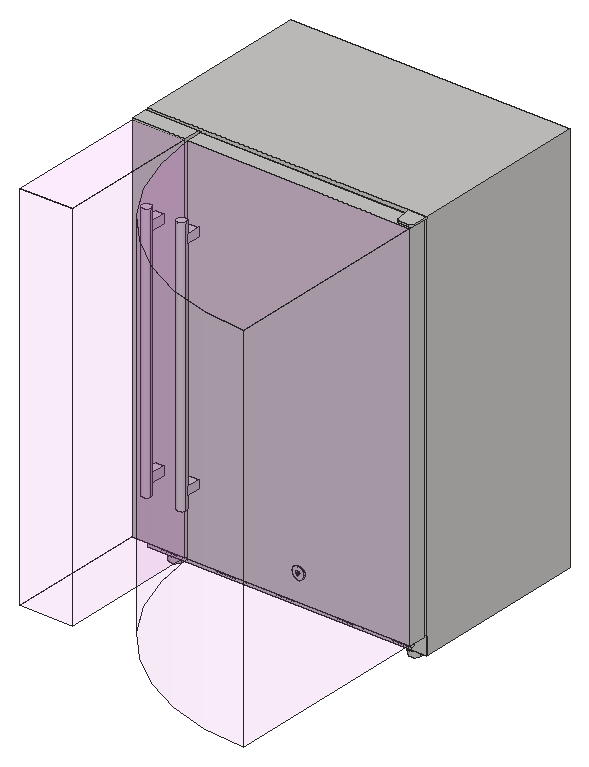
Revit family "QF_Summit_FF19524_All_Refrigerator", category Specialty Equipment, Revit 2020
Family settings
  Round Connector Dimension = Use Diameter
  Part Type = Normal
  Work Plane-Based = No
  Always vertical = Yes
  Cut with Voids When Loaded = No
  Shared = No
  Room Calculation Point = No
Parameters
  Weight in Pounds = 70
  Watts = if(Phase = 3, Volts * FL Amps * 1.73, Volts * FL Amps)  # 149.5 W
  Volts = 115 V
  URL Cutsheet = ""
  Specification by User = ""
  Specification by Manufacturer = ""
  Show Clearance [instance] = yes
  Serial Number = ""
  Seismic Rating = ""
  SMACNA No = ""
  Revision Code = ""
  Phase = 1
  Number of Poles = 1
  NAFEM Spec ID Number = ""
  Model = "FF19524"
  Min Ckt Ampacity = 0 A
  Max Overcurrent Protection = 0 A
  Masterspec = ""
  Manufacturer = "Summit"
  Length = 23 3/4"
  Item Number = ""
  Installed By = ""
  Identify Quantity as Lot = yes
  Height = 34 1/4"
  HP = ""
  Furnished By = ""
  Foodservice Equipment Identifier = yes
  FL Amps = 1.3 A
  Electrical Remarks = ""
  Electric Connection Type = ""
  Elec Conn RI Height = 0"
  Elec Conn Connection Height = 0"
  Description = "All-Refrigerator"
  Depth = 17 1/4"
  Default Elevation = 0"
  Cycle = 60 Hz
  Conn Plug = ""
  Conn Conduit = yes
  CSI MasterFormat = ""
  Apparent Power = if(Phase = 3, Volts * FL Amps * 1.73, Volts * FL Amps)  # 149.5 VA
Reference planes (in)
  plane 1 "BACK": y = 0
  plane 2: z = 0
  plane 3 "LEFT": x = 0
  plane 4 "RIGHT": x = 23.75
  plane 5 "FRONT": y = -17.25
  plane 6 "TOP": z = 34.25
  plane 7 "Center Y": x = 11.875
  plane 8 "Center X": y = -8.625
  plane 9 "Base Height": z = 0.75
  plane 10: y = -35
  plane 11: y = -19
  plane 12: y = -15.5
  plane 13: y = -29.25
Forms (in)
  Extrusion 1, solid, material "QF_Metal - Stainless - Polished"
    sketch origin (0, 0, 0.75) x (-1, 0, 0) y (0, -1, 0)
      loop
        line (0, 0.25084) -> (0, 15.5) -> (-23.75, 15.5) -> (-23.75, 0.25084) -> (0, 0.25084)
    from 0 to 33.5
  Extrusion 2, solid, material "QF_Rubber - Black - Smooth"
    sketch origin (23.75, -15.5, 0.75) x (-1, 0, 0) y (0, 0, -1)
      loop
        line (0.3125, -33.1875) -> (18.875, -33.1875) -> (18.875, -1.8125) -> (0.3125, -1.8125) -> (0.3125, -33.1875)
      loop
        line (23.4375, -1.8125) -> (19.25, -1.8125) -> (19.25, -33.1875) -> (23.4375, -33.1875) -> (23.4375, -1.8125)
    from 0 to 0.34959
  Extrusion 3, solid, material "QF_Metal - Stainless - Polished"
    sketch origin (23.75, -15.84959, 0.75) x (-1, 0, 0) y (0, 0, -1)
      loop
        line (0, -1.5) -> (0, -33.375) -> (18.9375, -33.375) -> (18.9375, -1.5) -> (0, -1.5)
      loop
        line (23.6875, -33.5) -> (23.6875, -1.5) -> (19.1875, -1.5) -> (19.1875, -33.5) -> (23.6875, -33.5)
    from 0 to 1.40041
  Extrusion 4, solid, material "QF_Metal - Stainless - Polished"
    sketch origin (23.75, -15.5, 0.75) x (-1, 0, 0) y (0, 0, -1)
      loop
        line (23.75, -1.5) -> (23.75, 0) -> (0, 0) -> (0, -1.5) -> (23.75, -1.5)
      loop
        arc (21.25, -0.1875) -> (21, -0.4375) -> (21.25, -0.6875) r 0.25
        line (21.25, -0.6875) -> (22.75, -0.6875)
        arc (22.75, -0.6875) -> (23, -0.4375) -> (22.75, -0.1875) r 0.25
        line (22.75, -0.1875) -> (21.25, -0.1875)
      loop
        arc (21.25, -0.8125) -> (21, -1.0625) -> (21.25, -1.3125) r 0.25
        line (21.25, -1.3125) -> (22.75, -1.3125)
        arc (22.75, -1.3125) -> (23, -1.0625) -> (22.75, -0.8125) r 0.25
        line (22.75, -0.8125) -> (21.25, -0.8125)
      loop
        arc (18.75, -0.1875) -> (18.5, -0.4375) -> (18.75, -0.6875) r 0.25
        line (18.75, -0.6875) -> (20.25, -0.6875)
        arc (20.25, -0.6875) -> (20.5, -0.4375) -> (20.25, -0.1875) r 0.25
        line (20.25, -0.1875) -> (18.75, -0.1875)
      loop
        arc (18.75, -0.8125) -> (18.5, -1.0625) -> (18.75, -1.3125) r 0.25
        line (18.75, -1.3125) -> (20.25, -1.3125)
        arc (20.25, -1.3125) -> (20.5, -1.0625) -> (20.25, -0.8125) r 0.25
        line (20.25, -0.8125) -> (18.75, -0.8125)
      loop
        arc (17.75, -1.3125) -> (18, -1.0625) -> (17.75, -0.8125) r 0.25
        line (17.75, -0.8125) -> (16.25, -0.8125)
        arc (16.25, -0.8125) -> (16, -1.0625) -> (16.25, -1.3125) r 0.25
        line (16.25, -1.3125) -> (17.75, -1.3125)
      loop
        arc (16.25, -0.1875) -> (16, -0.4375) -> (16.25, -0.6875) r 0.25
        line (16.25, -0.6875) -> (17.75, -0.6875)
        arc (17.75, -0.6875) -> (18, -0.4375) -> (17.75, -0.1875) r 0.25
        line (17.75, -0.1875) -> (16.25, -0.1875)
      loop
        arc (13.75, -0.8125) -> (13.5, -1.0625) -> (13.75, -1.3125) r 0.25
        line (13.75, -1.3125) -> (15.25, -1.3125)
        arc (15.25, -1.3125) -> (15.5, -1.0625) -> (15.25, -0.8125) r 0.25
        line (15.25, -0.8125) -> (13.75, -0.8125)
      loop
        arc (13.75, -0.1875) -> (13.5, -0.4375) -> (13.75, -0.6875) r 0.25
        line (13.75, -0.6875) -> (15.25, -0.6875)
        arc (15.25, -0.6875) -> (15.5, -0.4375) -> (15.25, -0.1875) r 0.25
        line (15.25, -0.1875) -> (13.75, -0.1875)
      loop
        arc (11.25, -0.8125) -> (11, -1.0625) -> (11.25, -1.3125) r 0.25
        line (11.25, -1.3125) -> (12.75, -1.3125)
        arc (12.75, -1.3125) -> (13, -1.0625) -> (12.75, -0.8125) r 0.25
        line (12.75, -0.8125) -> (11.25, -0.8125)
      loop
        arc (11.25, -0.1875) -> (11, -0.4375) -> (11.25, -0.6875) r 0.25
        line (11.25, -0.6875) -> (12.75, -0.6875)
        arc (12.75, -0.6875) -> (13, -0.4375) -> (12.75, -0.1875) r 0.25
        line (12.75, -0.1875) -> (11.25, -0.1875)
      loop
        arc (10.25, -1.3125) -> (10.5, -1.0625) -> (10.25, -0.8125) r 0.25
        line (10.25, -0.8125) -> (8.75, -0.8125)
        arc (8.75, -0.8125) -> (8.5, -1.0625) -> (8.75, -1.3125) r 0.25
        line (8.75, -1.3125) -> (10.25, -1.3125)
      loop
        arc (8.75, -0.1875) -> (8.5, -0.4375) -> (8.75, -0.6875) r 0.25
        line (8.75, -0.6875) -> (10.25, -0.6875)
        arc (10.25, -0.6875) -> (10.5, -0.4375) -> (10.25, -0.1875) r 0.25
        line (10.25, -0.1875) -> (8.75, -0.1875)
      loop
        line (6.25, -1.3125) -> (7.75, -1.3125)
        arc (7.75, -1.3125) -> (8, -1.0625) -> (7.75, -0.8125) r 0.25
        line (7.75, -0.8125) -> (6.25, -0.8125)
        arc (6.25, -0.8125) -> (6, -1.0625) -> (6.25, -1.3125) r 0.25
      loop
        line (7.75, -0.1875) -> (6.25, -0.1875)
        arc (6.25, -0.1875) -> (6, -0.4375) -> (6.25, -0.6875) r 0.25
        line (6.25, -0.6875) -> (7.75, -0.6875)
        arc (7.75, -0.6875) -> (8, -0.4375) -> (7.75, -0.1875) r 0.25
      loop
        line (3.75, -1.3125) -> (5.25, -1.3125)
        arc (5.25, -1.3125) -> (5.5, -1.0625) -> (5.25, -0.8125) r 0.25
        line (5.25, -0.8125) -> (3.75, -0.8125)
        arc (3.75, -0.8125) -> (3.5, -1.0625) -> (3.75, -1.3125) r 0.25
      loop
        line (3.75, -0.6875) -> (5.25, -0.6875)
        arc (5.25, -0.6875) -> (5.5, -0.4375) -> (5.25, -0.1875) r 0.25
        line (5.25, -0.1875) -> (3.75, -0.1875)
        arc (3.75, -0.1875) -> (3.5, -0.4375) -> (3.75, -0.6875) r 0.25
      loop
        line (1.25, -1.3125) -> (2.75, -1.3125)
        arc (2.75, -1.3125) -> (3, -1.0625) -> (2.75, -0.8125) r 0.25
        line (2.75, -0.8125) -> (1.25, -0.8125)
        arc (1.25, -0.8125) -> (1, -1.0625) -> (1.25, -1.3125) r 0.25
      loop
        line (2.75, -0.1875) -> (1.25, -0.1875)
        arc (1.25, -0.1875) -> (1, -0.4375) -> (1.25, -0.6875) r 0.25
        line (1.25, -0.6875) -> (2.75, -0.6875)
        arc (2.75, -0.6875) -> (3, -0.4375) -> (2.75, -0.1875) r 0.25
    from -0.0625 to 0.03516
  Revolve 5, solid, material "QF_Metal - Stainless - Polished"
    sketch origin (0, -1, 0) x (1, 0, 0) y (0, 0, 1)
      loop
        line (22.1875, 0) -> (22.1875, 0.75) -> (22, 0.75) -> (22, 0.5625) -> (21.625, 0.5625) -> (21.625, 0.5) -> (21.6875, 0) -> (22.1875, 0)
      axis (22.1875, 0.75) -> (22.1875, 0)
    angle from 0 to 360
  Extrusion 6, solid, material "QF_Metal - Stainless - Polished"
    sketch origin (0, 0, 0.75) x (-1, 0, 0) y (0, -1, 0)
      loop
        circle (-2.375, 18.625) r 0.375
      loop
        circle (-5.375, 18.625) r 0.375
    from 6.125 to 28.125
  Extrusion 7, solid, material "QF_Metal - Stainless - Polished"
    sketch origin (0, 0, 0.75) x (-1, 0, 0) y (0, -1, 0)
      loop
        line (-2.03125, 17.25) -> (-2.03125, 18.50383) -> (-2.71875, 18.50383) -> (-2.71875, 17.25) -> (-2.03125, 17.25)
      loop
        line (-5.03125, 17.25) -> (-5.03125, 18.47513) -> (-5.71875, 18.47513) -> (-5.71875, 17.25) -> (-5.03125, 17.25)
    from 26.375 to 27.125
  Extrusion 8, solid, material "QF_Metal - Stainless - Polished"
    sketch origin (0, 0, 0.75) x (-1, 0, 0) y (0, -1, 0)
      loop
        line (-2.03125, 17.25) -> (-2.03125, 18.50383) -> (-2.71875, 18.50383) -> (-2.71875, 17.25) -> (-2.03125, 17.25)
      loop
        line (-5.71875, 18.47513) -> (-5.71875, 17.25) -> (-5.03125, 17.25) -> (-5.03125, 18.47513) -> (-5.71875, 18.47513)
    from 7.125 to 7.875
  Extrusion 9, solid, material "QF_Metal - Stainless - Polished"
    sketch origin (23.75, -15.5, 34.25) x (-1, 0, 0) y (0, -1, 0)
      loop
        arc (0.25, 1.625) -> (0.07322, 1.55178) -> (0, 1.375) r 0.25
        line (0, 1.375) -> (0, 0) -> (1.48613, 0) -> (1.28435, 1.41543)
        arc (1.28435, 1.41543) -> (1.19949, 1.56554) -> (1.03764, 1.625) r 0.25
        line (1.03764, 1.625) -> (0.25, 1.625)
    from 0 to -0.125
  Extrusion 10, solid, material "QF_Rubber - Black - Smooth"
    sketch origin (0, 0, 0.75) x (1, 0, 0) y (0, 0, -1)
      loop
        circle (20.75, -2.16109) r 0.25
    from 0 to 0.0625
  Extrusion 11, void
    sketch origin (23.75, -17.25, 0.75) x (-1, 0, 0) y (0, 0, -1)
      loop
        circle (9.5, -3.75) r 0.5625
    from -0.0625 to 0.0625
  Extrusion 12, solid, material "QF_Metal - Stainless - Polished"
    sketch origin (23.75, -17.25, -2.89673) x (-1, 0, 0) y (0, 0, -1)
      loop
        circle (9.5, -7.39673) r 0.5
      loop
        circle (9.5, -7.39673) r 0.1875
    from -0.0625 to 0.0625
  Revolve 13, solid, material "QF_Metal - Stainless - Polished"
    sketch origin (0, -14.75, 0) x (1, 0, 0) y (0, 0, 1)
      loop
        line (22.1875, 0) -> (22.1875, 0.75) -> (22, 0.75) -> (22, 0.5625) -> (21.625, 0.5625) -> (21.625, 0.5) -> (21.6875, 0) -> (22.1875, 0)
      axis (22.1875, 0.75) -> (22.1875, 0)
    angle from 0 to 360
  Revolve 14, solid, material "QF_Metal - Stainless - Polished"
    sketch origin (23.9375, -1, 0) x (-1, 0, 0) y (0, 0, -1)
      loop
        line (22.1875, 0) -> (21.6875, 0) -> (21.625, -0.5) -> (21.625, -0.5625) -> (22, -0.5625) -> (22, -0.75) -> (22.1875, -0.75) -> (22.1875, 0)
      axis (22.1875, -0.75) -> (22.1875, 0)
    angle from 0 to 360
  Revolve 15, solid, material "QF_Metal - Stainless - Polished"
    sketch origin (23.9375, -14.75, 0) x (-1, 0, 0) y (0, 0, -1)
      loop
        line (22.1875, 0) -> (21.6875, 0) -> (21.625, -0.5) -> (21.625, -0.5625) -> (22, -0.5625) -> (22, -0.75) -> (22.1875, -0.75) -> (22.1875, 0)
      axis (22.1875, -0.75) -> (22.1875, 0)
    angle from 0 to 360
  Sweep 16, solid, material "QF_Metal - Stainless - Polished"
    path origin (0, -0.25084, 0.75) x (1, 0, 0) y (0, 0, -1)
      loop
        line (5, -1.75) -> (5, -33.25) -> (23.5, -33.25) -> (23.5, -1.75) -> (5, -1.75)
    profile origin (5, -0.25084, 18.25) x (1, 0, 0) y (0, 1, 0)
      loop
        line (0, 0) -> (0.1, 0) -> (0.1, 0.25084)
        arc (0.1, 0.25084) -> (0.02929, 0.22155) -> (0, 0.15084) r 0.1
        line (0, 0.15084) -> (0, 0)
  Extrusion 17, solid, material "QF_Metal - Stainless - Polished"
    sketch origin (0, -0.25084, 0.75) x (1, 0, 0) y (0, 0, -1)
      loop
        line (23.4, -1.85) -> (5.1, -1.85) -> (5.1, -33.15) -> (23.4, -33.15) -> (23.4, -1.85)
    from 0 to 0.25084
  Extrusion 18, solid, material "QF_Clearances_Door_Drawer", visible <- "Show Clearance"
    sketch origin (0, 0, 0.75) x (-1, 0, 0) y (0, -1, 0)
      loop
        line (-0.0625, 17.25) -> (-0.0625, 29.25) -> (-4.5625, 29.25) -> (-4.5625, 17.25) -> (-0.0625, 17.25)
      loop
        arc (-4.81071, 17.25) -> (-10.76099, 29.88016) -> (-23.75, 34.99996) r 18.9375
        line (-23.75, 34.99996) -> (-23.75, 17.25) -> (-4.81071, 17.25)
    from 1.5 to 33.375
Cuts and joins
  Extrusion 11 cuts Extrusion 3
  joined: Extrusion 6, Extrusion 7, Extrusion 8
  joined: Sweep 16, Extrusion 17
Lines and regions (in)
  symbolic lines
    curve 1: line (0, -0.25084, 0.75) -> (23.75, -0.25084, 0.75)
    curve 2: line (0, -15.5, 0.75) -> (0, -0.25084, 0.75)
    curve 3: line (23.75, -15.5, 0.75) -> (0, -15.5, 0.75)
    curve 4: line (23.75, -0.25084, 0.75) -> (23.75, -17.25, 0.75)
    curve 5: line (0.0625, -15.84959, 0.75) -> (4.5625, -15.84959, 0.75)
    curve 6: line (0.0625, -17.25, 0.75) -> (0.0625, -15.84959, 0.75)
    curve 7: line (4.5625, -17.25, 0.75) -> (0.0625, -17.25, 0.75)
    curve 8: line (4.5625, -15.84959, 0.75) -> (4.5625, -17.25, 0.75)
    curve 9: line (0.3125, -15.5, 0.75) -> (0.3125, -15.84959, 0.75)
    curve 10: line (4.5, -15.84959, 0.75) -> (4.5, -15.5, 0.75)
    curve 11: line (4.875, -15.5, 0.75) -> (4.875, -15.84959, 0.75)
    curve 12: line (4.8125, -15.84959, 0.75) -> (22.3137, -15.84959, 0.75)
    curve 13: line (4.8125, -17.25, 0.75) -> (4.8125, -15.84959, 0.75)
    curve 14: line (23.75, -17.25, 0.75) -> (4.8125, -17.25, 0.75)
    curve 15: line (22.26387, -15.5, 0.75) -> (22.46565, -16.91543, 0.75)
    curve 16: arc (22.46565, -16.91543, 0.75) -> (22.55051, -17.06554, 0.75) -> (22.71236, -17.125, 0.75) r 0.25
    curve 17: line (22.71236, -17.125, 0.75) -> (23.5, -17.125, 0.75)
    curve 18: arc (23.5, -17.125, 0.75) -> (23.67678, -17.05178, 0.75) -> (23.75, -16.875, 0.75) r 0.25
    curve 19: line (2.03125, -17.25, 0.75) -> (2.03125, -18.47513, 0.75)
    curve 20: line (2.71875, -18.47513, 0.75) -> (2.71875, -17.25, 0.75)
    curve 21: arc (2.75, -18.625, 0.75) -> (2.375, -18.25, 0.75) -> (2, -18.625, 0.75) r 0.375
    curve 22: line (5.03125, -17.25, 0.75) -> (5.03125, -18.47513, 0.75)
    curve 23: line (5.71875, -18.47513, 0.75) -> (5.71875, -17.25, 0.75)
    curve 24: arc (5.75, -18.625, 0.75) -> (5.375, -18.25, 0.75) -> (5, -18.625, 0.75) r 0.375
    curve 25: arc (2, -18.625, 0.75) -> (2.375, -19, 0.75) -> (2.75, -18.625, 0.75) r 0.375
    curve 26: arc (5, -18.625, 0.75) -> (5.375, -19, 0.75) -> (5.75, -18.625, 0.75) r 0.375
    curve 32: line (5, -0.25084, 0.75) -> (5, -0.1, 0.75)
    curve 33: arc (5, -0.1, 0.75) -> (5.02929, -0.02929, 0.75) -> (5.1, 0, 0.75) r 0.1
    curve 34: line (5.1, 0, 0.75) -> (23.4, 0, 0.75)
    curve 35: line (23.5, -0.25084, 0.75) -> (23.5, -0.09205, 0.75)
    curve 36: spline (23.5, -0.09205, 0.75) -> (23.49641, -0.07771, 0.75) -> (23.49162, -0.06408, 0.75) -> (23.48571, -0.05137, 0.75) -> (23.47877, -0.03975, 0.75) -> (23.47089, -0.02939, 0.75) -> (23.46218, -0.02044, 0.75) -> (23.45277, -0.01302, 0.75) -> (23.4428, -0.00725, 0.75) -> (23.4324, -0.00321, 0.75) -> (23.42173, -0.00096, 0.75) -> (23.41095, -0.00052, 0.75) -> (23.4002, -0.00191, 0.75)
  symbolic lines, style "QF_Clearances_Door_Drawer", visible <- "Show Clearance"
    curve 27: line (0.0625, -29.25, 0.75) -> (4.5625, -29.25, 0.75)
    curve 28: line (4.5625, -29.25, 0.75) -> (4.5625, -17.25, 0.75)
    curve 29: line (0.0625, -17.25, 0.75) -> (0.0625, -29.25, 0.75)
    curve 30: arc (4.81071, -17.25, 0.75) -> (5.73989, -22.03498, 0.75) -> (7.85968, -26.42428, 0.75) r 18.9375
    curve 31: line (23.75, -17.25, 0.75) -> (7.85968, -26.42428, 0.75)
Dimensions and locks (in)
  equal spacing: plane 3 "LEFT", plane 7 "Center Y", plane 4 "RIGHT"
  "Length": plane 3 "LEFT" to plane 4 "RIGHT"
  equal spacing: plane 5 "FRONT", plane 8 "Center X", plane 1 "BACK"
  "Depth": plane 5 "FRONT" to plane 1 "BACK"
  "Height": plane 6 "TOP" to level
  plane 10 to plane 1 "BACK" = 35"
  plane 9 "Base Height" to level = 3/4"
  plane 5 "FRONT" to plane 11 = 1 3/4"
  plane 12 to plane 1 "BACK" = 15 1/2"
  plane 13 to plane 5 "FRONT" = 12"
  aligned and locked: level to plane 2
Automatic sketch dimensions
  Extrusion 1 sketch curve to plane 4 "RIGHT" = 0"
  Extrusion 1 sketch curve to plane 3 "LEFT" = 0"
  Extrusion 1 sketch curve to plane 12 = 0"
  plane 1 "BACK" to Extrusion 1 sketch curve = 0.25084"
  Extrusion 2 sketch curve to Extrusion 1 = 5/16"
  Extrusion 1 to Extrusion 2 sketch curve = 1 13/16"
  Extrusion 1 to Extrusion 2 sketch curve = 4 7/8"
  Extrusion 2 sketch curve to Extrusion 2 sketch curve = 3/8"
  Extrusion 1 to Extrusion 2 sketch curve = 5/16"  (x3)
  Extrusion 2 sketch curve to Extrusion 2 sketch curve = 0"
  Extrusion 2 to Extrusion 3 sketch curve = 5/16"  (x3)
  Extrusion 2 to Extrusion 3 sketch curve = 1/16"  (x2)
  Extrusion 2 to Extrusion 3 sketch curve = 1/4"
  Extrusion 2 to Extrusion 3 sketch curve = 3/16"
  Extrusion 3 sketch curve to Extrusion 3 sketch curve = 0"
  Extrusion 4 sketch curve to Extrusion 1 = 0"  (x3)
  Extrusion 1 to Extrusion 4 sketch curve = 3/16"  (x8)
  Extrusion 4 sketch curve to Extrusion 1 = 1 1/4"
  Extrusion 4 sketch curve to Extrusion 4 sketch curve = 0"  (x18)
  Extrusion 1 to Extrusion 4 sketch curve = 11/16"  (x2)
  Extrusion 4 sketch curve to Extrusion 4 sketch curve = 1 1/2"  (x8)
  Extrusion 1 to Extrusion 4 sketch curve = 7/16"
  Extrusion 4 sketch curve to Extrusion 4 sketch curve = 1"  (x8)
  Extrusion 1 to Extrusion 4 sketch curve = 1"
  Extrusion 4 sketch curve to Extrusion 4 sketch curve = 1/2"
  Extrusion 4 sketch curve to Extrusion 4 sketch curve = 5/8"  (x5)
  Extrusion 4 sketch curve to Extrusion 4 sketch curve = 1/8"  (x9)
  Extrusion 4 sketch curve to Extrusion 4 sketch curve = 3/8"
  Extrusion 4 sketch curve to Extrusion 4 sketch curve = 1/4"  (x9)
  Extrusion 4 sketch curve to Extrusion 4 sketch curve = 3/16"
  Revolve 5 sketch curve to level = 0"  (x2)
  Revolve 5 sketch curve to plane 9 "Base Height" = 0"
  Revolve 5 sketch curve to plane 9 "Base Height" = 1/4"
  plane 4 "RIGHT" to Revolve 5 sketch curve = 2 1/8"
  Revolve 5 sketch curve to Revolve 5 sketch curve = 1/16"
  Revolve 5 sketch curve to Revolve 5 sketch curve = 3/8"
  Revolve 5 sketch curve to Revolve 5 sketch curve = 3/16"  (x2)
  Revolve 5 sketch curve to Revolve 5 sketch curve = 0"
  Revolve 5 sketch curve to Revolve 5 sketch curve = 1 1/4"
  plane 5 "FRONT" to Extrusion 7 sketch curve = 0"  (x2)
  plane 3 "LEFT" to Extrusion 7 sketch curve = 5 23/32"
  Extrusion 7 sketch curve to Extrusion 7 sketch curve = 11/16"  (x2)
  Extrusion 7 sketch curve to Extrusion 7 sketch curve = 2 5/16"
  plane 11 to Extrusion 7 sketch curve = 0.52487"
  plane 11 to Extrusion 7 sketch curve = 0.49617"
  plane 5 "FRONT" to Extrusion 8 sketch curve = 0"  (x2)
  plane 3 "LEFT" to Extrusion 8 sketch curve = 5 23/32"
  Extrusion 8 sketch curve to Extrusion 8 sketch curve = 11/16"  (x2)
  Extrusion 8 sketch curve to Extrusion 8 sketch curve = 2 5/16"
  plane 11 to Extrusion 8 sketch curve = 0.52487"
  plane 11 to Extrusion 8 sketch curve = 0.49617"
  Extrusion 9 sketch curve to plane 4 "RIGHT" = 0"
  Extrusion 9 sketch curve to plane 12 = 0"
  Extrusion 9 sketch curve to Extrusion 9 sketch curve = 1/4"
  Extrusion 9 sketch curve to plane 5 "FRONT" = 1/8"
  Extrusion 9 sketch curve to Extrusion 9 sketch curve = 0.78764"
  Extrusion 9 sketch curve to plane 5 "FRONT" = 0.33457"
  Extrusion 9 sketch curve to Extrusion 9 sketch curve = 0.24671"
  Extrusion 9 sketch curve to Extrusion 9 sketch curve = 0.20179"
  Extrusion 12 sketch curve to Extrusion 12 sketch curve = 0"  (x2)
  Extrusion 12 sketch curve to Extrusion 3 = 2 1/4"
  Extrusion 12 sketch curve to Extrusion 3 = 9 7/16"
  Revolve 13 sketch curve to level = 0"  (x2)
  Revolve 13 sketch curve to plane 9 "Base Height" = 0"
  Revolve 13 sketch curve to plane 9 "Base Height" = 1/4"
  plane 4 "RIGHT" to Revolve 13 sketch curve = 2 1/8"
  Revolve 13 sketch curve to Revolve 13 sketch curve = 1/16"
  Revolve 13 sketch curve to Revolve 13 sketch curve = 3/8"
  Revolve 13 sketch curve to Revolve 13 sketch curve = 3/16"
  Revolve 13 sketch curve to plane 9 "Base Height" = 3/16"
  Revolve 13 sketch curve to Revolve 13 sketch curve = 0"
  Revolve 13 sketch curve to Revolve 13 sketch curve = 1 1/4"
  Revolve 14 sketch curve to level = 0"  (x2)
  Revolve 14 sketch curve to plane 9 "Base Height" = 0"
  Revolve 14 sketch curve to plane 9 "Base Height" = 1/4"
  plane 3 "LEFT" to Revolve 14 sketch curve = 2 5/16"
  Revolve 14 sketch curve to Revolve 14 sketch curve = 1/16"  (x2)
  Revolve 14 sketch curve to Revolve 14 sketch curve = 3/8"
  Revolve 14 sketch curve to Revolve 14 sketch curve = 3/16"
  Revolve 14 sketch curve to Revolve 14 sketch curve = 0"
  Revolve 14 sketch curve to level = 1 1/4"
  Revolve 15 sketch curve to level = 0"  (x2)
  Revolve 15 sketch curve to plane 9 "Base Height" = 0"
  Revolve 15 sketch curve to plane 9 "Base Height" = 1/4"
  plane 3 "LEFT" to Revolve 15 sketch curve = 2 5/16"
  Revolve 15 sketch curve to Revolve 15 sketch curve = 1/16"  (x2)
  Revolve 15 sketch curve to Revolve 15 sketch curve = 3/8"
  Revolve 15 sketch curve to Revolve 15 sketch curve = 3/16"
  Revolve 15 sketch curve to Revolve 15 sketch curve = 0"
  Revolve 15 sketch curve to level = 1 1/4"
  Extrusion 1 to Sweep 16 sketch curve = 1/4"
  Sweep 16 sketch curve to Extrusion 1 = 5"
  Sweep 16 sketch curve to Extrusion 1 = 1/4"
  Extrusion 1 to Sweep 16 sketch curve = 1 3/4"
  Sweep 16 sketch curve to profile plane = 0"  (x2)
  profile plane to Sweep 16 sketch curve = 0.15084"
  Sweep 16 sketch curve to Sweep 16 sketch curve = 0.1"
  Extrusion 1 to Extrusion 17 sketch curve = 1.85"
  Extrusion 17 sketch curve to Extrusion 1 = 5.1"
  Extrusion 17 sketch curve to Extrusion 1 = 0.35"
  Extrusion 1 to Extrusion 17 sketch curve = 0.35"
  Extrusion 10 sketch curve to Extrusion 17 = 0.31109"
  Extrusion 10 sketch curve to Extrusion 17 = 2.65"
  Extrusion 11 sketch curve to Extrusion 3 = 2 1/4"
  Extrusion 11 sketch curve to Extrusion 3 = 9 7/16"
  Extrusion 18 sketch curve to plane 4 "RIGHT" = 0"
  plane 5 "FRONT" to Extrusion 18 sketch curve = 0"  (x2)
  plane 13 to Extrusion 18 sketch curve = 0"
  plane 10 to Extrusion 18 sketch curve = 0.00004"
  plane 3 "LEFT" to Extrusion 18 sketch curve = 1/16"
  curve 4 to plane 4 "RIGHT" = 0"
  plane 1 "BACK" to curve 34 = 0"
  curve 15 to plane 12 = 0"
  plane 5 "FRONT" to curve 23 = 0"
  plane 5 "FRONT" to curve 30 = 0"
  plane 13 to curve 28 = 0"
  plane 5 "FRONT" to curve 7 = 0"
  curve 2 to plane 3 "LEFT" = 0"
  plane 4 "RIGHT" to curve 30 = 5/128"
  curve 17 to plane 5 "FRONT" = 1/8"
  curve 17 to curve 17 = 0.78764"
  curve 15 to plane 5 "FRONT" = 0.33457"
  curve 16 to curve 15 = 0.24671"
  curve 24 to curve 24 = 3/8"
  curve 12 to curve 8 = 1/4"
  plane 11 to curve 21 = 3/8"
  plane 3 "LEFT" to curve 21 = 2 3/8"
  plane 3 "LEFT" to curve 27 = 1/16"
  curve 12 to plane 12 = 0.34959"
  curve 5 to curve 12 = 0"
  curve 30 to plane 12 = 9/16"
  plane 11 to curve 26 = 3/8"
  curve 31 to plane 13 = 2.82572"
  curve 15 to curve 12 = 0.15195"
  curve 12 to curve 15 = 0.04984"
  curve 24 to curve 23 = 1/32"
  curve 5 to curve 10 = 1/16"
  curve 21 to curve 21 = 3/8"
  curve 21 to curve 20 = 1/32"
  curve 19 to curve 21 = 1/32"
  curve 9 to curve 5 = 1/4"
  plane 1 "BACK" to curve 35 = 0.09205"
  curve 35 to curve 35 = 0.15879"
  plane 1 "BACK" to curve 36 = 0.00046"
  curve 36 to curve 34 = 0.01405"
  plane 1 "BACK" to curve 36 = 0.00191"
  plane 4 "RIGHT" to curve 17 = 1/4"
  plane 4 "RIGHT" to curve 35 = 1/4"
  curve 35 to curve 36 = 11/128"
  curve 35 to curve 36 = 0.08652"
  curve 24 to curve 26 = 0"
  curve 31 to plane 7 "Center Y" = 4.01532"
  curve 24 to curve 30 = 0.56429"
  plane 1 "BACK" to curve 33 = 0.1"
  plane 3 "LEFT" to curve 33 = 5.1"
  curve 13 to curve 30 = 0.00179"
  curve 22 to curve 13 = 7/32"
  curve 11 to curve 12 = 1/16"
  plane 4 "RIGHT" to Extrusion 18 sketch curve = 5/128"
  Extrusion 18 sketch curve to Extrusion 18 sketch curve = 4.74821"
  Extrusion 18 sketch curve to Extrusion 18 sketch curve = 4 1/2"
  radius of Extrusion 12 sketch curve = 1/2"
  radius of Extrusion 12 sketch curve = 3/16"
  radius of Extrusion 10 sketch curve = 1/4"
  radius of Extrusion 11 sketch curve = 9/16"
Connectors (in)
  electrical at (20.75, 0.0625, 2.91109), driven by "Volts"
    settings: on Extrusion 10, index 1, voltage 115 V, apparent load 0 VA, apparent load phase1 0 VA, apparent load phase2 0 VA, apparent load phase3 0 VA, power factor 1, load classification "Other", number of poles 1, system type 30, power factor state 1, is connector primary yes, connector utility no, sub classification motor no, connector description "Electrical Connection"
